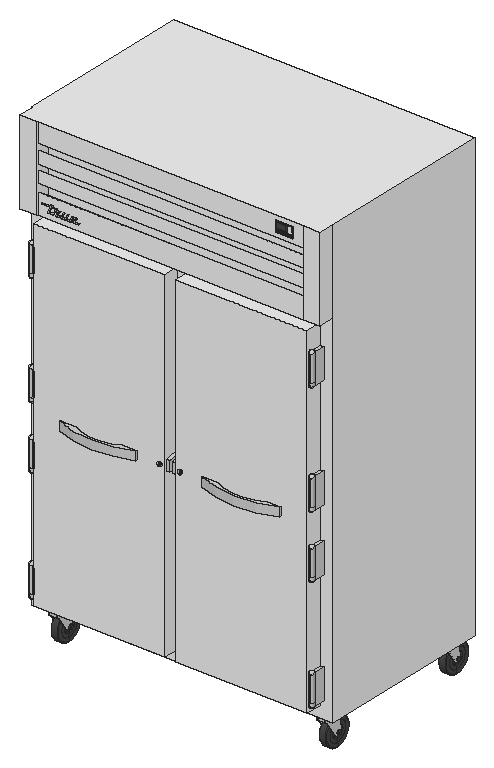
Revit family
Parameters
  Weight in Pounds = 0
  Watts = Volts * FL Amps  # 1334 W
  Volts = 115 V
  URL Cutsheet = "www.truemfg.com"
  URL = "www.truemfg.com"
  Type Mark [instance] = ""
  Type Comments = ""
  Status [instance] = ""
  Specification by User [instance] = ""
  Specification by Manufacturer = ""
  Show Seismic Flanged [instance] = no
  Show Logo [instance] = yes
  Show Legs [instance] = no
  Show Clearance [instance] = yes
  Serial Number = ""
  Seismic Rating = ""
  Seismic Plate [instance] = and(Show Seismic Flanged, not(Show Casters))  # no
  SMACNA No = ""
  Revision Code [instance] = ""
  Phase = 1
  Omniclass Number and Title = ""
  Number of Poles [instance] = 1
  NAFEM Spec ID Number = ""
  Model = "STR2DT-2S"
  Min Ckt Ampacity = 0 A
  Max Overcurrent Protection = 0 A
  Masterspec = ""
  Manufacturer = "TRUE FOOD SERVICE EQUIPMENT, INC."
  Length = 52 5/8"
  Legs [instance] = or(Show Legs, Show Seismic Flanged)  # no
  Item Number [instance] = ""
  Installed By [instance] = ""
  Identify Quantity as Lot [instance] = yes
  Height = 77 3/4"
  HP = ""
  Furnished By [instance] = ""
  Foodservice Equipment Identifier [instance] = yes
  FL Amps = 11.6 A
  Electrical Remarks [instance] = ""
  Electric Connection Type [instance] = ""
  Elec Conn RI Height [instance] = 0"
  Elec Conn Connection Height [instance] = 0"
  Description = "Reach-in Solid Swing Door Dual Temperature Refrigerator/Freezer"
  Depth = 33 3/4"
  Cycle = 60 Hz
  Conn Plug = "5-20P"
  Conn Conduit = yes
  Show Casters [instance] = and(not(if(Show Legs, Show Legs, Show Legs)), not(if(Show Legs, Show Legs, Show Seismic Flanged)))  # yes
  CSI MasterFormat = ""
  CSI Master Format = ""
  Apparent Power = if(Phase = 3, Volts * FL Amps * 1.73, Volts * FL Amps)  # 1334 VA
Reference planes (in)
  plane 1 "BACK": y = 0
  plane 2: z = 0
  plane 3 "LEFT": x = 0
  plane 4 "RIGHT": x = 52.625
  plane 5 "FRONT": y = -33.75
  plane 6 "TOP": z = 84.125
  plane 7: z = 6.125
  plane 8: x = 26.3125
  plane 9: x = 3
  plane 10: x = 49.9375
  plane 11: y = -33.7042
  plane 12: x = 26.46875
Forms (in)
  Extrusion 1, solid, material "QF_Finishes_Chrome - Satin"
    sketch origin (0.05, 0, 0) x (1, 0, 0) y (0, 1, 0)
      loop
        line (-0.05, 0) -> (-0.05, -31) -> (2.35625, -31) -> (2.35625, 0) -> (-0.05, 0)
    from 6.125 to 84.125
  Extrusion 2, solid, material "QF_Finishes_Chrome - Satin"
    sketch origin (50.15, 0, 0) x (1, 0, 0) y (0, 1, 0)
      loop
        line (0.225, 0) -> (0.225, -31) -> (2.475, -31) -> (2.475, 0) -> (0.225, 0)
    from 6.125 to 84.125
  Extrusion 3, solid, material "QF_Finishes_Chrome - Satin"
    sketch origin (0, 0, 0) x (0, 1, 0) y (0, 0, 1)
      loop
        line (-33.7042, 69.5) -> (-31, 69.5) -> (-31, 6.125) -> (0, 6.125) -> (0, 84.125) -> (-33.7042, 84.125) -> (-33.7042, 80.78078) -> (-31.5, 79.21352) -> (-31.5, 78.09125) -> (-33.7042, 79.65851) -> (-33.7042, 77.5248) -> (-31.5, 75.95754) -> (-31.5, 74.99678) -> (-33.7042, 76.56404) -> (-33.7042, 74.46784) -> (-31.5, 72.90057) -> (-31.5, 71.625) -> (-33.7042, 73.19226) -> (-33.7042, 69.5)
    from 2.25 to 50.375
  Extrusion 4, solid, material "QF_Finishes_Chrome - Satin"
    sketch origin (0, 0, 0) x (1, 0, 0) y (0, 1, 0)
      loop
        line (52.54687, -31) -> (49.66032, -31) -> (49.66032, -33.75) -> (52.54687, -33.75) -> (52.54687, -31)
    from 69.5 to 84.125
  Extrusion 5, solid, material "QF_Finishes_Chrome - Satin"
    sketch origin (-50.125, 0, 0.25) x (1, 0, 0) y (0, 1, 0)
      loop
        line (53.20984, -31) -> (50.20312, -31) -> (50.20312, -33.75) -> (53.20984, -33.75) -> (53.20984, -31)
    from 69.25 to 83.875
  Extrusion 6, solid, material "QF_Finishes_Chrome - Satin"
    sketch origin (0, 0, -0.71875) x (1, 0, 0) y (0, 0, 1)
      loop
        line (2.4375, 68.6875) -> (2.4375, 8.75) -> (25.375, 8.75) -> (25.375, 68.6875) -> (2.4375, 68.6875)
      loop
        line (50.34375, 68.6875) -> (27.40625, 68.6875) -> (27.40625, 8.75) -> (50.34375, 8.75) -> (50.34375, 68.6875)
    from 31 to 33.75
  Extrusion 7, solid, material "QF_Finishes_Handrails and Railings"
    sketch origin (85.95, -0.25, 26.37269) x (1, 0, 0) y (0, 1, 0)
      loop
        line (-53.875, -33.5) -> (-53.875, -33.7)
        arc (-53.875, -33.7) -> (-47.075, -35.14405) -> (-40.275, -33.7) r 16.7325
        line (-40.275, -33.7) -> (-40.275, -33.5) -> (-42.675, -33.5)
        arc (-42.675, -33.5) -> (-47.075, -34.65816) -> (-51.475, -33.5) r 8.93715
        line (-51.475, -33.5) -> (-53.875, -33.5)
    from 10.87731 to 12.37731
  Extrusion 8, solid, material "QF_Finishes_Handrails and Railings"
    sketch origin (1.8125, 0, -2) x (1, 0, 0) y (0, 0, 1)
      loop
        circle (22.6875, 40.0625) r 0.35
      loop
        line (22.65235, 40.33635) -> (22.65235, 39.76895) -> (22.70785, 39.76895) -> (22.70785, 40.33635) -> (22.65235, 40.33635)
      loop
        circle (26.3125, 40.0625) r 0.35
      loop
        line (26.34765, 40.33635) -> (26.29215, 40.33635) -> (26.29215, 39.76895) -> (26.34765, 39.76895) -> (26.34765, 40.33635)
    from 33.5 to 33.83066
  Extrusion 9, solid, material "QF_Finishes_Handrails and Railings", visible <- "Show Logo"
    sketch origin (0.33478, 1.08173, -6.73143) x (1, 0, 0) y (0, 0, 1)
      loop
        line (3.61669, 78.46231) -> (3.51103, 78.23573) -> (4.91652, 78.23573)
        arc (4.91652, 78.23573) -> (4.94504, 78.18528) -> (4.91652, 78.13484) r 0.05887
        line (4.91652, 78.13484) -> (4.54994, 77.34872)
        arc (4.54994, 77.34872) -> (4.54676, 77.27591) -> (4.596, 77.22217) r 0.09523
        line (4.596, 77.22217) -> (5.49469, 77.22217)
        arc (5.49469, 77.22217) -> (5.60817, 77.25795) -> (5.68061, 77.35235) r 0.19785
        line (5.68061, 77.35235) -> (5.9691, 77.97101) -> (6.23415, 77.97101)
        arc (6.23415, 77.97101) -> (6.30369, 77.94543) -> (6.29362, 77.87203) r 0.05911
        line (6.29362, 77.87203) -> (6.05223, 77.35437)
        arc (6.05223, 77.35437) -> (6.05599, 77.2684) -> (6.12856, 77.22217) r 0.09318
        line (6.12856, 77.22217) -> (6.91823, 77.22217)
        arc (6.91823, 77.22217) -> (6.97874, 77.24419) -> (7.01093, 77.29995) r 0.09412
        arc (7.01093, 77.29995) -> (7.03371, 77.24495) -> (7.08871, 77.22217) r 0.07778
        line (7.08871, 77.22217) -> (7.58871, 77.22217)
        arc (7.58871, 77.22217) -> (7.64647, 77.23765) -> (7.68876, 77.27993) r 0.11552
        arc (7.68876, 77.27993) -> (7.709, 77.23106) -> (7.75787, 77.21081) r 0.06912
        line (7.75787, 77.21081) -> (8.4685, 77.21081)
        arc (8.4685, 77.21081) -> (8.52659, 77.23488) -> (8.55066, 77.29297) r 0.08216
        arc (8.55066, 77.29297) -> (8.60392, 77.23972) -> (8.67667, 77.22022) r 0.14551
        line (8.67667, 77.22022) -> (10.00783, 77.22022) -> (10.15571, 77.47634) -> (8.81303, 77.47634)
        arc (8.81303, 77.47634) -> (8.77597, 77.50204) -> (8.77459, 77.54711) r 0.05009
        line (8.77459, 77.54711) -> (8.79782, 77.59692)
        arc (8.79782, 77.59692) -> (8.83348, 77.64364) -> (8.88952, 77.66135) r 0.09747
        line (8.88952, 77.66135) -> (9.3211, 77.66135)
        arc (9.3211, 77.66135) -> (9.41425, 77.68631) -> (9.48244, 77.7545) r 0.1863
        line (9.48244, 77.7545) -> (9.60744, 77.97101)
        arc (9.60744, 77.97101) -> (9.60744, 78.08657) -> (9.50736, 78.14434) r 0.11556
        line (9.50736, 78.14434) -> (9.05187, 78.14434)
        arc (9.05187, 78.14434) -> (8.93575, 78.12462) -> (8.85474, 78.03912) r 0.18605
        line (8.85474, 78.03912) -> (8.63829, 77.57493)
        arc (8.63829, 77.57493) -> (8.5744, 77.49167) -> (8.47431, 77.46011) r 0.1745
        line (8.47431, 77.46011) -> (8.00184, 77.46011)
        arc (8.00184, 77.46011) -> (7.94528, 77.52184) -> (7.94893, 77.60548) r 0.10939
        line (7.94893, 77.60548) -> (8.2002, 78.14434) -> (8.04028, 78.14434) -> (7.77406, 77.57344)
        arc (7.77406, 77.57344) -> (7.72234, 77.50603) -> (7.6413, 77.48048) r 0.14128
        line (7.6413, 77.48048) -> (7.3155, 77.48048)
        arc (7.3155, 77.48048) -> (7.26044, 77.55223) -> (7.27225, 77.64189) r 0.11816
        line (7.27225, 77.64189) -> (7.50655, 78.14434) -> (7.34139, 78.14434) -> (7.07171, 77.566)
        arc (7.07171, 77.566) -> (7.0091, 77.50339) -> (6.92358, 77.48048) r 0.17104
        line (6.92358, 77.48048) -> (6.4518, 77.48048)
        arc (6.4518, 77.48048) -> (6.36707, 77.51999) -> (6.35892, 77.61313) r 0.0935
        line (6.35892, 77.61313) -> (6.51399, 77.94569) -> (6.7332, 77.94569)
        arc (6.7332, 77.94569) -> (6.7702, 78.05717) -> (6.84892, 78.14434) r 0.2857
        line (6.84892, 78.14434) -> (5.9923, 78.14434)
        arc (5.9923, 78.14434) -> (5.89711, 78.12324) -> (5.83123, 78.05135) r 0.16212
        line (5.83123, 78.05135) -> (5.59904, 77.55341)
        arc (5.59904, 77.55341) -> (5.54565, 77.50002) -> (5.47272, 77.48048) r 0.14586
        line (5.47272, 77.48048) -> (4.96131, 77.48048)
        arc (4.96131, 77.48048) -> (4.92139, 77.53442) -> (4.92899, 77.60109) r 0.09155
        line (4.92899, 77.60109) -> (5.26643, 78.23573) -> (6.1178, 78.23573) -> (6.22346, 78.46231) -> (5.37209, 78.46231) -> (5.47774, 78.68888) -> (5.17487, 78.68888) -> (5.06922, 78.46231) -> (3.61669, 78.46231)
      loop
        arc (8.9943, 77.93863) -> (8.95744, 77.92875) -> (8.93045, 77.90176) r 0.07373
        line (8.93045, 77.90176) -> (8.90854, 77.83436)
        arc (8.90854, 77.83436) -> (8.9187, 77.80983) -> (8.94324, 77.79966) r 0.0347
        line (8.94324, 77.79966) -> (9.31573, 77.79966)
        arc (9.31573, 77.79966) -> (9.34257, 77.80561) -> (9.36437, 77.82234) r 0.0635
        line (9.36437, 77.82234) -> (9.38249, 77.90622)
        arc (9.38249, 77.90622) -> (9.37716, 77.92868) -> (9.35634, 77.93863) r 0.02676
        line (9.35634, 77.93863) -> (8.9943, 77.93863)
    from 34.76797 to 34.83173
  Extrusion 10, solid
    sketch origin (0, 0, 0) x (1, 0, 0) y (0, 0, 1)
      loop
        circle (49.53125, 82) r 0.25
    from 0 to 0.0625
  Extrusion 11, solid, material "QF_Finishes_Handrails and Railings"
    sketch origin (-33.16875, -0.25, 26.37269) x (1, 0, 0) y (0, 1, 0)
      loop
        line (53.71875, -33.5) -> (51.31875, -33.5)
        arc (51.31875, -33.5) -> (47.075, -34.58228) -> (42.83125, -33.5) r 8.86127
        line (42.83125, -33.5) -> (40.43125, -33.5) -> (40.43125, -33.7)
        arc (40.43125, -33.7) -> (47.075, -35.08117) -> (53.71875, -33.7) r 16.66961
        line (53.71875, -33.7) -> (53.71875, -33.5)
    from 10.87731 to 12.37731
  Blend 12, solid, material "QF_Finishes_Handrails and Railings"
    base sketch origin (0.125, 0, 0) x (1, 0, 0) y (0, 0, 1)
      loop
        line (25.25, 38.99169) -> (25.25, 37.24169) -> (26, 37.24169) -> (26, 38.99169) -> (25.25, 38.99169)
    top sketch origin (0.125, 0, 0) x (1, 0, 0) y (0, 0, 1)
      loop
        line (26.18223, 36.6441) -> (26.18223, 39.42643) -> (25.25, 39.42643) -> (25.25, 36.6441) -> (26.18223, 36.6441)
    from 33.57883 to 31
  Blend 13, solid, material "QF_Finishes_Handrails and Railings"
    base sketch origin (52.65625, 0, 0) x (-1, 0, 0) y (0, 0, -1)
      loop
        line (25.25, -38.99169) -> (26, -38.99169) -> (26, -37.24169) -> (25.25, -37.24169) -> (25.25, -38.99169)
    top sketch origin (52.65625, 0, 0) x (-1, 0, 0) y (0, 0, -1)
      loop
        line (26.18223, -36.6441) -> (25.25, -36.6441) -> (25.25, -39.42643) -> (26.18223, -39.42643) -> (26.18223, -36.6441)
    from 33.57883 to 31
  Extrusion 14, solid, material "QF_Finishes_Handrails and Railings"
    sketch origin (1.28125, 0, 0) x (0, 1, 0) y (0, 0, 1)
      loop
        line (-31, 64.55229) -> (-32.61044, 64.55229)
        arc (-32.61044, 64.55229) -> (-32.75506, 64.49238) -> (-32.81497, 64.34776) r 0.20453
        line (-32.81497, 64.34776) -> (-32.81497, 59.94848) -> (-33.25, 59.94848) -> (-33.25, 59.23627) -> (-31, 59.23627) -> (-31, 64.55229)
    from 0.17506 to 1
  Revolve 15, solid, material "QF_Finishes_Handrails and Railings"
    sketch origin (1.78125, 0, 0) x (0, 1, 0) y (0, 0, 1)
      loop
        line (-33.26563, 60.00189) -> (-33.26563, 64.81483)
        arc (-33.26563, 64.81483) -> (-33.53722, 64.72557) -> (-33.67229, 64.4736) r 0.3848
        line (-33.67229, 64.4736) -> (-33.67229, 60.00189) -> (-33.26563, 60.00189)
      loop
        line (-33.26563, 59.94848) -> (-33.67229, 59.94848) -> (-33.67229, 59.37712)
        arc (-33.67229, 59.37712) -> (-33.53264, 59.13383) -> (-33.26563, 59.04781) r 0.38884
        line (-33.26563, 59.04781) -> (-33.26563, 59.94848)
      axis (-33.26563, 59.04781) -> (-33.26563, 64.81483)
    angle from 0 to 360
  Extrusion 16, solid, material "QF_Finishes_Handrails and Railings"
    sketch origin (-0.03125, 0, 0) x (1, 0, 0) y (0, 0, 1)
      loop
        line (2.07116, 64.4736) -> (2.07116, 60.00079) -> (2.46875, 60.00079) -> (2.46875, 64.4736) -> (2.07116, 64.4736)
    from 32.81497 to 33.59495
  Extrusion 17, solid, material "QF_Finishes_Handrails and Railings"
    sketch origin (1.28125, 0, -19.5) x (0, 1, 0) y (0, 0, 1)
      loop
        line (-31, 64.55229) -> (-32.61044, 64.55229)
        arc (-32.61044, 64.55229) -> (-32.75506, 64.49238) -> (-32.81497, 64.34776) r 0.20453
        line (-32.81497, 64.34776) -> (-32.81497, 59.94848) -> (-33.25, 59.94848) -> (-33.25, 59.23627) -> (-31, 59.23627) -> (-31, 64.55229)
    from 0.17506 to 1
  Revolve 18, solid, material "QF_Finishes_Handrails and Railings"
    sketch origin (1.78125, 0, -19.5) x (0, 1, 0) y (0, 0, 1)
      loop
        line (-33.26563, 60.00189) -> (-33.26563, 64.81483)
        arc (-33.26563, 64.81483) -> (-33.53722, 64.72557) -> (-33.67229, 64.4736) r 0.3848
        line (-33.67229, 64.4736) -> (-33.67229, 60.00189) -> (-33.26563, 60.00189)
      loop
        line (-33.26563, 59.94848) -> (-33.67229, 59.94848) -> (-33.67229, 59.37712)
        arc (-33.67229, 59.37712) -> (-33.53264, 59.13383) -> (-33.26563, 59.04781) r 0.38884
        line (-33.26563, 59.04781) -> (-33.26563, 59.94848)
      axis (-33.26563, 59.04781) -> (-33.26563, 64.81483)
    angle from 0 to 360
  Extrusion 19, solid, material "QF_Finishes_Handrails and Railings"
    sketch origin (-0.03125, 0, -19.5) x (1, 0, 0) y (0, 0, 1)
      loop
        line (2.07116, 64.4736) -> (2.07116, 60.00079) -> (2.46875, 60.00079) -> (2.46875, 64.4736) -> (2.07116, 64.4736)
    from 32.81497 to 33.59495
  Extrusion 20, solid, material "QF_Finishes_Handrails and Railings"
    sketch origin (1.28125, 0, -30.5) x (0, 1, 0) y (0, 0, 1)
      loop
        line (-31, 64.55229) -> (-32.61044, 64.55229)
        arc (-32.61044, 64.55229) -> (-32.75506, 64.49238) -> (-32.81497, 64.34776) r 0.20453
        line (-32.81497, 64.34776) -> (-32.81497, 59.94848) -> (-33.25, 59.94848) -> (-33.25, 59.23627) -> (-31, 59.23627) -> (-31, 64.55229)
    from 0.17506 to 1
  Revolve 21, solid, material "QF_Finishes_Handrails and Railings"
    sketch origin (1.78125, 0, -30.5) x (0, 1, 0) y (0, 0, 1)
      loop
        line (-33.26563, 60.00189) -> (-33.26563, 64.81483)
        arc (-33.26563, 64.81483) -> (-33.53722, 64.72557) -> (-33.67229, 64.4736) r 0.3848
        line (-33.67229, 64.4736) -> (-33.67229, 60.00189) -> (-33.26563, 60.00189)
      loop
        line (-33.26563, 59.94848) -> (-33.67229, 59.94848) -> (-33.67229, 59.37712)
        arc (-33.67229, 59.37712) -> (-33.53264, 59.13383) -> (-33.26563, 59.04781) r 0.38884
        line (-33.26563, 59.04781) -> (-33.26563, 59.94848)
      axis (-33.26563, 59.04781) -> (-33.26563, 64.81483)
    angle from 0 to 360
  Extrusion 22, solid, material "QF_Finishes_Handrails and Railings"
    sketch origin (-0.03125, 0, -30.5) x (1, 0, 0) y (0, 0, 1)
      loop
        line (2.07116, 64.4736) -> (2.07116, 60.00079) -> (2.46875, 60.00079) -> (2.46875, 64.4736) -> (2.07116, 64.4736)
    from 32.81497 to 33.59495
  Extrusion 23, solid, material "QF_Finishes_Handrails and Railings"
    sketch origin (1.28125, 0, -50.25) x (0, 1, 0) y (0, 0, 1)
      loop
        line (-31, 64.55229) -> (-32.61044, 64.55229)
        arc (-32.61044, 64.55229) -> (-32.75506, 64.49238) -> (-32.81497, 64.34776) r 0.20453
        line (-32.81497, 64.34776) -> (-32.81497, 59.94848) -> (-33.25, 59.94848) -> (-33.25, 59.23627) -> (-31, 59.23627) -> (-31, 64.55229)
    from 0.17506 to 1
  Revolve 24, solid, material "QF_Finishes_Handrails and Railings"
    sketch origin (1.78125, 0, -50.25) x (0, 1, 0) y (0, 0, 1)
      loop
        line (-33.26563, 60.00189) -> (-33.26563, 64.81483)
        arc (-33.26563, 64.81483) -> (-33.53722, 64.72557) -> (-33.67229, 64.4736) r 0.3848
        line (-33.67229, 64.4736) -> (-33.67229, 60.00189) -> (-33.26563, 60.00189)
      loop
        line (-33.26563, 59.94848) -> (-33.67229, 59.94848) -> (-33.67229, 59.37712)
        arc (-33.67229, 59.37712) -> (-33.53264, 59.13383) -> (-33.26563, 59.04781) r 0.38884
        line (-33.26563, 59.04781) -> (-33.26563, 59.94848)
      axis (-33.26563, 59.04781) -> (-33.26563, 64.81483)
    angle from 0 to 360
  Extrusion 25, solid, material "QF_Finishes_Handrails and Railings"
    sketch origin (-0.03125, 0, -50.25) x (1, 0, 0) y (0, 0, 1)
      loop
        line (2.07116, 64.4736) -> (2.07116, 60.00079) -> (2.46875, 60.00079) -> (2.46875, 64.4736) -> (2.07116, 64.4736)
    from 32.81497 to 33.59495
  Extrusion 26, solid, material "QF_Finishes_Handrails and Railings"
    sketch origin (51.1875, 0, 0) x (0, 1, 0) y (0, 0, -1)
      loop
        line (-31, -64.55229) -> (-31, -59.23627) -> (-33.25, -59.23627) -> (-33.25, -59.94848) -> (-32.81497, -59.94848) -> (-32.81497, -64.34776)
        arc (-32.81497, -64.34776) -> (-32.75506, -64.49238) -> (-32.61044, -64.55229) r 0.20453
        line (-32.61044, -64.55229) -> (-31, -64.55229)
    from 0.17506 to 1
  Revolve 27, solid, material "QF_Finishes_Handrails and Railings"
    sketch origin (50.6875, 0, 0) x (0, 1, 0) y (0, 0, -1)
      loop
        line (-33.26563, -60.00189) -> (-33.67229, -60.00189) -> (-33.67229, -64.4736)
        arc (-33.67229, -64.4736) -> (-33.53722, -64.72557) -> (-33.26563, -64.81483) r 0.3848
        line (-33.26563, -64.81483) -> (-33.26563, -60.00189)
      loop
        line (-33.26563, -59.94848) -> (-33.26563, -59.04781)
        arc (-33.26563, -59.04781) -> (-33.53264, -59.13383) -> (-33.67229, -59.37712) r 0.38884
        line (-33.67229, -59.37712) -> (-33.67229, -59.94848) -> (-33.26563, -59.94848)
      axis (-33.26563, -59.04781) -> (-33.26563, -64.81483)
    angle from 0 to 360
  Extrusion 28, solid, material "QF_Finishes_Handrails and Railings"
    sketch origin (52.5, 0, 0) x (-1, 0, 0) y (0, 0, -1)
      loop
        line (1.75866, -64.4736) -> (2.15625, -64.4736) -> (2.15625, -60.00079) -> (1.75866, -60.00079) -> (1.75866, -64.4736)
    from 32.81497 to 33.59495
  Extrusion 29, solid, material "QF_Finishes_Handrails and Railings"
    sketch origin (51.1875, 0, -19.5) x (0, 1, 0) y (0, 0, -1)
      loop
        line (-31, -64.55229) -> (-31, -59.23627) -> (-33.25, -59.23627) -> (-33.25, -59.94848) -> (-32.81497, -59.94848) -> (-32.81497, -64.34776)
        arc (-32.81497, -64.34776) -> (-32.75506, -64.49238) -> (-32.61044, -64.55229) r 0.20453
        line (-32.61044, -64.55229) -> (-31, -64.55229)
    from 0.17506 to 1
  Revolve 30, solid, material "QF_Finishes_Handrails and Railings"
    sketch origin (50.6875, 0, -19.5) x (0, 1, 0) y (0, 0, -1)
      loop
        line (-33.26563, -60.00189) -> (-33.67229, -60.00189) -> (-33.67229, -64.4736)
        arc (-33.67229, -64.4736) -> (-33.53722, -64.72557) -> (-33.26563, -64.81483) r 0.3848
        line (-33.26563, -64.81483) -> (-33.26563, -60.00189)
      loop
        line (-33.26563, -59.94848) -> (-33.26563, -59.04781)
        arc (-33.26563, -59.04781) -> (-33.53264, -59.13383) -> (-33.67229, -59.37712) r 0.38884
        line (-33.67229, -59.37712) -> (-33.67229, -59.94848) -> (-33.26563, -59.94848)
      axis (-33.26563, -59.04781) -> (-33.26563, -64.81483)
    angle from 0 to 360
  Extrusion 31, solid, material "QF_Finishes_Handrails and Railings"
    sketch origin (52.5, 0, -19.5) x (-1, 0, 0) y (0, 0, -1)
      loop
        line (1.75866, -64.4736) -> (2.15625, -64.4736) -> (2.15625, -60.00079) -> (1.75866, -60.00079) -> (1.75866, -64.4736)
    from 32.81497 to 33.59495
  Extrusion 32, solid, material "QF_Finishes_Handrails and Railings"
    sketch origin (51.1875, 0, -30.5) x (0, 1, 0) y (0, 0, -1)
      loop
        line (-31, -64.55229) -> (-31, -59.23627) -> (-33.25, -59.23627) -> (-33.25, -59.94848) -> (-32.81497, -59.94848) -> (-32.81497, -64.34776)
        arc (-32.81497, -64.34776) -> (-32.75506, -64.49238) -> (-32.61044, -64.55229) r 0.20453
        line (-32.61044, -64.55229) -> (-31, -64.55229)
    from 0.17506 to 1
  Revolve 33, solid, material "QF_Finishes_Handrails and Railings"
    sketch origin (50.6875, 0, -30.5) x (0, 1, 0) y (0, 0, -1)
      loop
        line (-33.26563, -60.00189) -> (-33.67229, -60.00189) -> (-33.67229, -64.4736)
        arc (-33.67229, -64.4736) -> (-33.53722, -64.72557) -> (-33.26563, -64.81483) r 0.3848
        line (-33.26563, -64.81483) -> (-33.26563, -60.00189)
      loop
        line (-33.26563, -59.94848) -> (-33.26563, -59.04781)
        arc (-33.26563, -59.04781) -> (-33.53264, -59.13383) -> (-33.67229, -59.37712) r 0.38884
        line (-33.67229, -59.37712) -> (-33.67229, -59.94848) -> (-33.26563, -59.94848)
      axis (-33.26563, -59.04781) -> (-33.26563, -64.81483)
    angle from 0 to 360
  Extrusion 34, solid, material "QF_Finishes_Handrails and Railings"
    sketch origin (52.5, 0, -30.5) x (-1, 0, 0) y (0, 0, -1)
      loop
        line (1.75866, -64.4736) -> (2.15625, -64.4736) -> (2.15625, -60.00079) -> (1.75866, -60.00079) -> (1.75866, -64.4736)
    from 32.81497 to 33.59495
  Extrusion 35, solid, material "QF_Finishes_Handrails and Railings"
    sketch origin (51.1875, 0, -50.25) x (0, 1, 0) y (0, 0, -1)
      loop
        line (-31, -64.55229) -> (-31, -59.23627) -> (-33.25, -59.23627) -> (-33.25, -59.94848) -> (-32.81497, -59.94848) -> (-32.81497, -64.34776)
        arc (-32.81497, -64.34776) -> (-32.75506, -64.49238) -> (-32.61044, -64.55229) r 0.20453
        line (-32.61044, -64.55229) -> (-31, -64.55229)
    from 0.17506 to 1
  Revolve 36, solid, material "QF_Finishes_Handrails and Railings"
    sketch origin (50.6875, 0, -50.25) x (0, 1, 0) y (0, 0, -1)
      loop
        line (-33.26563, -60.00189) -> (-33.67229, -60.00189) -> (-33.67229, -64.4736)
        arc (-33.67229, -64.4736) -> (-33.53722, -64.72557) -> (-33.26563, -64.81483) r 0.3848
        line (-33.26563, -64.81483) -> (-33.26563, -60.00189)
      loop
        line (-33.26563, -59.94848) -> (-33.26563, -59.04781)
        arc (-33.26563, -59.04781) -> (-33.53264, -59.13383) -> (-33.67229, -59.37712) r 0.38884
        line (-33.67229, -59.37712) -> (-33.67229, -59.94848) -> (-33.26563, -59.94848)
      axis (-33.26563, -59.04781) -> (-33.26563, -64.81483)
    angle from 0 to 360
  Extrusion 37, solid, material "QF_Finishes_Handrails and Railings"
    sketch origin (52.5, 0, -50.25) x (-1, 0, 0) y (0, 0, -1)
      loop
        line (1.75866, -64.4736) -> (2.15625, -64.4736) -> (2.15625, -60.00079) -> (1.75866, -60.00079) -> (1.75866, -64.4736)
    from 32.81497 to 33.59495
  Revolve 38, solid, material "QF_Finishes_Black", visible <- "Show Casters"
    sketch origin (47.78125, -27.375, 0) x (1, 0, 0) y (0, 0, 1)
      loop
        line (1.63125, 5) -> (1.53125, 4.9) -> (1.53125, 4.29941) -> (1.69226, 4.29941) -> (1.69226, 3.54941) -> (1.53125, 3.54941) -> (1.53125, 2.79941) -> (1.13125, 2.79941) -> (1.13125, 2.5) -> (3.18125, 2.5) -> (3.18125, 2.79941) -> (2.78533, 2.79941) -> (2.78533, 3.54941) -> (2.62024, 3.54941) -> (2.62024, 4.29941) -> (2.78533, 4.29941) -> (2.78533, 4.89592) -> (2.68125, 5) -> (1.63125, 5)
      axis (3.18125, 2.5) -> (1.13125, 2.5)
    angle from 0 to 360
  Extrusion 39, solid, material "QF_Finishes_Handrails and Railings", visible <- "Show Casters"
    sketch origin (47.78125, 0, 0) x (0, 1, 0) y (0, 0, 1)
      loop
        line (-29.95136, 5.48574) -> (-29.95136, 4.88089) -> (-29.70136, 4.88089) -> (-27.95216, 2.18736)
        arc (-27.95216, 2.18736) -> (-27.23883, 1.94868) -> (-26.84581, 2.59003) r 0.60416
        line (-26.84581, 2.59003) -> (-27.20136, 5.48574) -> (-29.95136, 5.48574)
      loop
        line (-3.8577, 5.48574) -> (-3.8577, 4.88089) -> (-3.6077, 4.88089) -> (-1.8585, 2.18736)
        arc (-1.8585, 2.18736) -> (-1.14517, 1.94868) -> (-0.75215, 2.59003) r 0.60416
        line (-0.75215, 2.59003) -> (-1.1077, 5.48574) -> (-3.8577, 5.48574)
    from 1.175 to 1.325
  Extrusion 40, solid, material "QF_Finishes_Handrails and Railings", visible <- "Show Casters"
    sketch origin (49.28125, 0, 0) x (0, 1, 0) y (0, 0, 1)
      loop
        line (-29.95136, 5.48574) -> (-29.95136, 4.88089) -> (-29.70136, 4.88089) -> (-27.95216, 2.18736)
        arc (-27.95216, 2.18736) -> (-27.23883, 1.94868) -> (-26.84581, 2.59003) r 0.60416
        line (-26.84581, 2.59003) -> (-27.20136, 5.48574) -> (-29.95136, 5.48574)
      loop
        line (-3.8577, 5.48574) -> (-3.8577, 4.88089) -> (-3.6077, 4.88089) -> (-1.8585, 2.18736)
        arc (-1.8585, 2.18736) -> (-1.14517, 1.94868) -> (-0.75215, 2.59003) r 0.60416
        line (-0.75215, 2.59003) -> (-1.1077, 5.48574) -> (-3.8577, 5.48574)
    from 1.175 to 1.325
  Revolve 41, solid, material "QF_Finishes_Chrome - Satin", visible <- "Show Casters"
    sketch origin (47.78125, -28.5625, -0.5) x (1, 0, 0) y (0, 0, 1)
      loop
        line (2.15625, 5.99546) -> (2.15625, 6.62359) -> (0.85918, 6.62359) -> (0.85918, 5.99546) -> (2.15625, 5.99546)
      axis (2.15625, 5.99546) -> (2.15625, 6.62359)
    angle from 0 to 360
  Revolve 42, solid, material "QF_Finishes_Chrome - Satin", visible <- "Legs"
    sketch origin (47.78125, -2.69102, 0) x (1, 0, 0) y (0, 0, 1)
      loop
        line (2.15625, 6.125) -> (0.82287, 6.125) -> (1.40625, 1) -> (1.65625, 1) -> (1.65625, 0) -> (2.15625, 0) -> (2.15625, 6.125)
      axis (2.15625, 0) -> (2.15625, 6.125)
    angle from 0 to 360
  Revolve 43, solid, material "QF_Finishes_Chrome - Satin", visible <- "Legs"
    sketch origin (47.78125, -28.65977, 0) x (1, 0, 0) y (0, 0, 1)
      loop
        line (2.15625, 6.125) -> (0.82287, 6.125) -> (1.40625, 1) -> (1.65625, 1) -> (1.65625, 0) -> (2.15625, 0) -> (2.15625, 6.125)
      axis (2.15625, 0) -> (2.15625, 6.125)
    angle from 0 to 360
  Revolve 44, solid, material "QF_Finishes_Chrome - Satin", visible <- "Show Casters"
    sketch origin (47.78125, -2.70321, -0.5) x (1, 0, 0) y (0, 0, 1)
      loop
        line (2.15625, 5.99546) -> (2.15625, 6.62359) -> (0.85918, 6.62359) -> (0.85918, 5.99546) -> (2.15625, 5.99546)
      axis (2.15625, 5.99546) -> (2.15625, 6.62359)
    angle from 0 to 360
  Extrusion 45, solid, material "QF_Finishes_Handrails and Railings", visible <- "Show Casters"
    sketch origin (0, 0, 0) x (0, 1, 0) y (0, 0, 1)
      loop
        line (-29.95136, 5.48574) -> (-29.95136, 4.88089) -> (-29.70136, 4.88089) -> (-27.16533, 5.19227) -> (-27.20136, 5.48574) -> (-29.95136, 5.48574)
      loop
        line (-3.8577, 5.48574) -> (-3.8577, 4.88089) -> (-3.6077, 4.88089) -> (-1.07167, 5.19227) -> (-1.1077, 5.48574) -> (-3.8577, 5.48574)
    from 49.10625 to 50.45625
  Revolve 46, solid, material "QF_Finishes_Black", visible <- "Show Casters"
    sketch origin (47.78125, -1.21875, 0) x (1, 0, 0) y (0, 0, 1)
      loop
        line (1.63125, 5) -> (1.53125, 4.9) -> (1.53125, 4.29941) -> (1.69226, 4.29941) -> (1.69226, 3.54941) -> (1.53125, 3.54941) -> (1.53125, 2.79941) -> (1.13125, 2.79941) -> (1.13125, 2.5) -> (3.18125, 2.5) -> (3.18125, 2.79941) -> (2.78533, 2.79941) -> (2.78533, 3.54941) -> (2.62024, 3.54941) -> (2.62024, 4.29941) -> (2.78533, 4.29941) -> (2.78533, 4.89592) -> (2.68125, 5) -> (1.63125, 5)
      axis (3.18125, 2.5) -> (1.13125, 2.5)
    angle from 0 to 360
  Revolve 47, solid, material "QF_Finishes_Black", visible <- "Show Casters"
    sketch origin (0.84375, -27.375, 0) x (1, 0, 0) y (0, 0, 1)
      loop
        line (1.63125, 5) -> (1.53125, 4.9) -> (1.53125, 4.29941) -> (1.69226, 4.29941) -> (1.69226, 3.54941) -> (1.53125, 3.54941) -> (1.53125, 2.79941) -> (0.975, 2.79941) -> (0.975, 2.5) -> (3.18125, 2.5) -> (3.18125, 2.79941) -> (2.78533, 2.79941) -> (2.78533, 3.54941) -> (2.62024, 3.54941) -> (2.62024, 4.29941) -> (2.78533, 4.29941) -> (2.78533, 4.89592) -> (2.68125, 5) -> (1.63125, 5)
      axis (3.18125, 2.5) -> (0.975, 2.5)
    angle from 0 to 360
  Extrusion 48, solid, material "QF_Finishes_Handrails and Railings", visible <- "Show Casters"
    sketch origin (0.84375, 0, 0) x (0, 1, 0) y (0, 0, 1)
      loop
        line (-29.95136, 5.48574) -> (-29.95136, 4.88089) -> (-29.70136, 4.88089) -> (-27.95216, 2.18736)
        arc (-27.95216, 2.18736) -> (-27.23883, 1.94868) -> (-26.84581, 2.59003) r 0.60416
        line (-26.84581, 2.59003) -> (-27.20136, 5.48574) -> (-29.95136, 5.48574)
      loop
        line (-3.8577, 5.48574) -> (-3.8577, 4.88089) -> (-3.6077, 4.88089) -> (-1.8585, 2.18736)
        arc (-1.8585, 2.18736) -> (-1.14517, 1.94868) -> (-0.75215, 2.59003) r 0.60416
        line (-0.75215, 2.59003) -> (-1.1077, 5.48574) -> (-3.8577, 5.48574)
    from 1.175 to 1.325
  Extrusion 49, solid, material "QF_Finishes_Handrails and Railings", visible <- "Show Casters"
    sketch origin (2.34375, 0, 0) x (0, 1, 0) y (0, 0, 1)
      loop
        line (-29.95136, 5.48574) -> (-29.95136, 4.88089) -> (-29.70136, 4.88089) -> (-27.95216, 2.18736)
        arc (-27.95216, 2.18736) -> (-27.23883, 1.94868) -> (-26.84581, 2.59003) r 0.60416
        line (-26.84581, 2.59003) -> (-27.20136, 5.48574) -> (-29.95136, 5.48574)
      loop
        line (-3.8577, 5.48574) -> (-3.8577, 4.88089) -> (-3.6077, 4.88089) -> (-1.8585, 2.18736)
        arc (-1.8585, 2.18736) -> (-1.14517, 1.94868) -> (-0.75215, 2.59003) r 0.60416
        line (-0.75215, 2.59003) -> (-1.1077, 5.48574) -> (-3.8577, 5.48574)
    from 1.175 to 1.325
  Revolve 50, solid, material "QF_Finishes_Chrome - Satin", visible <- "Show Casters"
    sketch origin (0.84375, -28.5625, -0.5) x (1, 0, 0) y (0, 0, 1)
      loop
        line (2.15625, 5.99546) -> (2.15625, 6.62359) -> (0.85918, 6.62359) -> (0.85918, 5.99546) -> (2.15625, 5.99546)
      axis (2.15625, 5.99546) -> (2.15625, 6.62359)
    angle from 0 to 360
  Revolve 51, solid, material "QF_Finishes_Chrome - Satin", visible <- "Legs"
    sketch origin (0.84375, -2.69102, 0) x (1, 0, 0) y (0, 0, 1)
      loop
        line (2.15625, 6.125) -> (0.82287, 6.125) -> (1.40625, 1) -> (1.65625, 1) -> (1.65625, 0) -> (2.15625, 0) -> (2.15625, 6.125)
      axis (2.15625, 0) -> (2.15625, 6.125)
    angle from 0 to 360
  Revolve 52, solid, material "QF_Finishes_Chrome - Satin", visible <- "Legs"
    sketch origin (0.84375, -28.65977, 0) x (1, 0, 0) y (0, 0, 1)
      loop
        line (2.15625, 6.125) -> (0.82287, 6.125) -> (1.40625, 1) -> (1.65625, 1) -> (1.65625, 0) -> (2.15625, 0) -> (2.15625, 6.125)
      axis (2.15625, 0) -> (2.15625, 6.125)
    angle from 0 to 360
  Revolve 53, solid, material "QF_Finishes_Chrome - Satin", visible <- "Show Casters"
    sketch origin (0.84375, -2.70321, -0.5) x (1, 0, 0) y (0, 0, 1)
      loop
        line (2.15625, 5.99546) -> (2.15625, 6.62359) -> (0.85918, 6.62359) -> (0.85918, 5.99546) -> (2.15625, 5.99546)
      axis (2.15625, 5.99546) -> (2.15625, 6.62359)
    angle from 0 to 360
  Extrusion 54, solid, material "QF_Finishes_Handrails and Railings", visible <- "Show Casters"
    sketch origin (-46.9375, 0, 0) x (0, 1, 0) y (0, 0, 1)
      loop
        line (-29.95136, 5.48574) -> (-29.95136, 4.88089) -> (-29.70136, 4.88089) -> (-27.16533, 5.19227) -> (-27.20136, 5.48574) -> (-29.95136, 5.48574)
      loop
        line (-3.8577, 5.48574) -> (-3.8577, 4.88089) -> (-3.6077, 4.88089) -> (-1.07167, 5.19227) -> (-1.1077, 5.48574) -> (-3.8577, 5.48574)
    from 49.10625 to 50.45625
  Revolve 55, solid, material "QF_Finishes_Black", visible <- "Show Casters"
    sketch origin (0.84375, -1.21875, 0) x (1, 0, 0) y (0, 0, 1)
      loop
        line (1.63125, 5) -> (1.53125, 4.9) -> (1.53125, 4.29941) -> (1.69226, 4.29941) -> (1.69226, 3.54941) -> (1.53125, 3.54941) -> (1.53125, 2.79941) -> (0.975, 2.79941) -> (0.975, 2.5) -> (3.18125, 2.5) -> (3.18125, 2.79941) -> (2.78533, 2.79941) -> (2.78533, 3.54941) -> (2.62024, 3.54941) -> (2.62024, 4.29941) -> (2.78533, 4.29941) -> (2.78533, 4.89592) -> (2.68125, 5) -> (1.63125, 5)
      axis (3.18125, 2.5) -> (0.975, 2.5)
    angle from 0 to 360
  Extrusion 56, solid, material "QF_Finishes_White"
    sketch origin (1.49925, 1.06376, 1.58022) x (1, 0, 0) y (0, 0, 1)
      loop
        line (43.31732, 81.73227) -> (43.31732, 79.98496) -> (46.22357, 79.98496) -> (46.22357, 81.73227) -> (43.31732, 81.73227)
    from 34.75 to 34.76797
  Extrusion 57, solid, material "QF_Finishes_Black"
    sketch origin (1.49925, 1.06376, 1.58022) x (1, 0, 0) y (0, 0, 1)
      loop
        line (46.28607, 81.79477) -> (43.25482, 81.79477) -> (43.25482, 79.92246) -> (46.28607, 79.92246) -> (46.28607, 81.79477)
      loop
        spline (43.45482, 80.25372) -> (43.46333, 80.23754) -> (43.48831, 80.22247) -> (43.52804, 80.20952) -> (43.57982, 80.19959) -> (43.64011, 80.19335) -> (43.70482, 80.19122) -> (43.76952, 80.19335) -> (43.82982, 80.19959) -> (43.88159, 80.20952) -> (43.92132, 80.22247) -> (43.9463, 80.23754) -> (43.95482, 80.25372)
        spline (43.95482, 80.25372) -> (43.9463, 80.26989) -> (43.92132, 80.28497) -> (43.88159, 80.29791) -> (43.82982, 80.30784) -> (43.76952, 80.31409) -> (43.70482, 80.31622) -> (43.64011, 80.31409) -> (43.57982, 80.30784) -> (43.52804, 80.29791) -> (43.48831, 80.28497) -> (43.46333, 80.26989) -> (43.45482, 80.25372)
      loop
        spline (44.15083, 80.25372) -> (44.15935, 80.23754) -> (44.18432, 80.22247) -> (44.22405, 80.20952) -> (44.27583, 80.19959) -> (44.33612, 80.19335) -> (44.40083, 80.19122) -> (44.46553, 80.19335) -> (44.52583, 80.19959) -> (44.57761, 80.20952) -> (44.61734, 80.22247) -> (44.64231, 80.23754) -> (44.65083, 80.25372)
        spline (44.65083, 80.25372) -> (44.64231, 80.26989) -> (44.61734, 80.28497) -> (44.57761, 80.29791) -> (44.52583, 80.30784) -> (44.46553, 80.31409) -> (44.40083, 80.31622) -> (44.33612, 80.31409) -> (44.27583, 80.30784) -> (44.22405, 80.29791) -> (44.18432, 80.28497) -> (44.15935, 80.26989) -> (44.15083, 80.25372)
      loop
        spline (44.90083, 80.25372) -> (44.90935, 80.23754) -> (44.93432, 80.22247) -> (44.97405, 80.20952) -> (45.02583, 80.19959) -> (45.08612, 80.19335) -> (45.15083, 80.19122) -> (45.21553, 80.19335) -> (45.27583, 80.19959) -> (45.32761, 80.20952) -> (45.36734, 80.22247) -> (45.39231, 80.23754) -> (45.40083, 80.25372)
        spline (45.40083, 80.25372) -> (45.39231, 80.26989) -> (45.36734, 80.28497) -> (45.32761, 80.29791) -> (45.27583, 80.30784) -> (45.21553, 80.31409) -> (45.15083, 80.31622) -> (45.08612, 80.31409) -> (45.02583, 80.30784) -> (44.97405, 80.29791) -> (44.93432, 80.28497) -> (44.90935, 80.26989) -> (44.90083, 80.25372)
      loop
        line (43.45481, 81.59478) -> (43.45481, 80.59478) -> (45.15433, 80.59478) -> (45.15433, 81.59478) -> (43.45481, 81.59478)
      loop
        line (46.22357, 81.73227) -> (43.31732, 81.73227) -> (43.31732, 79.98496) -> (46.22357, 79.98496) -> (46.22357, 81.73227)
      loop
        spline (45.65083, 80.25372) -> (45.65935, 80.23754) -> (45.68432, 80.22247) -> (45.72405, 80.20952) -> (45.77583, 80.19959) -> (45.83612, 80.19335) -> (45.90083, 80.19122) -> (45.96553, 80.19335) -> (46.02583, 80.19959) -> (46.07761, 80.20952) -> (46.11734, 80.22247) -> (46.14231, 80.23754) -> (46.15083, 80.25372)
        spline (46.15083, 80.25372) -> (46.14231, 80.26989) -> (46.11734, 80.28497) -> (46.07761, 80.29791) -> (46.02583, 80.30784) -> (45.96553, 80.31409) -> (45.90083, 80.31622) -> (45.83612, 80.31409) -> (45.77583, 80.30784) -> (45.72405, 80.29791) -> (45.68432, 80.28497) -> (45.65935, 80.26989) -> (45.65083, 80.25372)
    from 34.76797 to 34.80335
  Extrusion 58, solid, material "QF_Finishes_Door Clearance", visible <- "Show Clearance", detail levels coarse
    sketch origin (0.66534, -3.6098, 0) x (-1, 0, 0) y (0, -1, 0)
      loop
        arc (-26.74091, 30.1402) -> (-33.45915, 46.35946) -> (-49.67841, 53.0777) r 22.9375
        line (-49.67841, 53.0777) -> (-49.67841, 30.1402) -> (-26.74091, 30.1402)
      loop
        line (-1.77216, 30.1402) -> (-1.77216, 53.0777)
        arc (-1.77216, 53.0777) -> (-17.99142, 46.35946) -> (-24.70966, 30.1402) r 22.9375
        line (-24.70966, 30.1402) -> (-1.77216, 30.1402)
    from 8.0288 to 67.96875
  Extrusion 59, solid, material "QF_Finishes_Chrome - Satin", visible <- "Seismic Plate"
    sketch origin (-0.22541, -26.96562, 0) x (1, 0, 0) y (0, 1, 0)
      loop
        circle (3.22541, -1.69416) r 1.5
    from 0 to 0.25
  Extrusion 60, solid, material "QF_Finishes_Chrome - Satin", visible <- "Seismic Plate"
    sketch origin (-0.22541, -0.99687, 0) x (1, 0, 0) y (0, 1, 0)
      loop
        circle (3.22541, -1.69416) r 1.5
    from 0 to 0.25
  Extrusion 61, solid, material "QF_Finishes_Chrome - Satin", visible <- "Seismic Plate"
    sketch origin (46.71209, -0.99687, 0) x (1, 0, 0) y (0, 1, 0)
      loop
        circle (3.22541, -1.69416) r 1.5
    from 0 to 0.25
  Extrusion 62, solid, material "QF_Finishes_Chrome - Satin", visible <- "Seismic Plate"
    sketch origin (46.71209, -26.96562, 0) x (1, 0, 0) y (0, 1, 0)
      loop
        circle (3.22541, -1.69416) r 1.5
    from 0 to 0.25
Cuts and joins
  joined: Extrusion 1, Extrusion 2, Extrusion 3, Extrusion 4, Extrusion 5
  joined: Revolve 15, Extrusion 16
Lines and regions (in)
  symbolic lines
    curve 1: line (0, 0, 0) -> (52.625, 0, 0)
    curve 2: line (0, -33.75, 0) -> (0, 0, 0)
    curve 3: line (52.625, -33.75, 0) -> (0, -33.75, 0)
    curve 4: line (52.625, 0, 0) -> (52.625, -33.75, 0)
    curve 5: line (52.625, -31.5, 0) -> (0, -31.5, 0)
    curve 22: arc (43.075, -33.75, 0) -> (38.675, -34.90816, 0) -> (34.275, -33.75, 0) r 8.93715
    curve 23: arc (31.875, -33.95, 0) -> (38.675, -35.39405, 0) -> (45.475, -33.95, 0) r 16.7325
    curve 24: line (31.875, -33.75, 0) -> (31.875, -33.95, 0)
    curve 25: line (45.475, -33.95, 0) -> (45.475, -33.75, 0)
    curve 26: arc (18.06875, -33.75, 0) -> (13.825, -34.83228, 0) -> (9.58125, -33.75, 0) r 8.86127
    curve 27: arc (7.18125, -33.95, 0) -> (13.825, -35.33117, 0) -> (20.46875, -33.95, 0) r 16.66961
    curve 28: line (20.46875, -33.95, 0) -> (20.46875, -33.75, 0)
    curve 29: line (7.18125, -33.75, 0) -> (7.18125, -33.95, 0)
  symbolic lines, style "SpecialityEquipmentHiddenLines", visible <- "Show Casters"
    curve 6: line (3.60602, -24.30071, 0) -> (5.06131, -25.05071, 0)
    curve 7: line (1.20097, -28.96743, 0) -> (3.60602, -24.30071, 0)
    curve 8: line (2.65626, -29.71743, 0) -> (1.20097, -28.96743, 0)
    curve 9: line (5.06131, -25.05071, 0) -> (2.65626, -29.71743, 0)
    curve 10: line (3.98222, -0.4208, 0) -> (5.43751, -1.34689, 0)
    curve 11: line (1.20097, -4.79134, 0) -> (3.98222, -0.4208, 0)
    curve 12: line (2.65626, -5.71743, 0) -> (1.20097, -4.79134, 0)
    curve 13: line (5.43751, -1.34689, 0) -> (2.65626, -5.71743, 0)
    curve 14: line (50.00722, -0.4208, 0) -> (51.30626, -1.1708, 0)
    curve 15: line (47.38222, -4.96743, 0) -> (50.00722, -0.4208, 0)
    curve 16: line (48.68126, -5.71743, 0) -> (47.38222, -4.96743, 0)
    curve 17: line (51.30626, -1.1708, 0) -> (48.68126, -5.71743, 0)
    curve 18: line (50.00722, -24.52487, 0) -> (51.30626, -25.27487, 0)
    curve 19: line (47.38222, -29.07151, 0) -> (50.00722, -24.52487, 0)
    curve 20: line (48.68126, -29.82151, 0) -> (47.38222, -29.07151, 0)
    curve 21: line (51.30626, -25.27487, 0) -> (48.68126, -29.82151, 0)
  symbolic lines, style "QF-Door Swings", visible <- "Show Clearance", detail levels coarse
    curve 30: line (50.34375, -33.75, 0) -> (50.34375, -56.6875, 0)
    curve 31: arc (50.34375, -56.6875, 0) -> (34.12449, -49.96926, 0) -> (27.40625, -33.75, 0) r 22.9375
    curve 32: line (2.4375, -33.75, 0) -> (2.4375, -56.6875, 0)
    curve 33: arc (2.4375, -56.6875, 0) -> (18.65676, -49.96926, 0) -> (25.375, -33.75, 0) r 22.9375
Dimensions and locks (in)
  "Depth": plane 5 "FRONT" to plane 1 "BACK"
  plane 7 to level = 6 1/8"
  plane 6 "TOP" to level = 84 1/8"
  plane 6 "TOP" to plane 7 = 78"
  cut or joined group of Extrusion 1, Extrusion 2, Extrusion 3, Extrusion 4, Extrusion 5 to cut or joined group of Extrusion 1, Extrusion 2, Extrusion 3, Extrusion 4, Extrusion 5 = 31"
  Extrusion 6 to plane 1 "BACK" = 33 3/4"
  "Length": plane 3 "LEFT" to plane 4 "RIGHT"
  plane 4 "RIGHT" to plane 10 to plane 12 to plane 9 to plane 3 "LEFT" = 2 11/16", 23 15/32", 23 15/32", 3"
  plane 3 "LEFT" to plane 12 to plane 4 "RIGHT" = 26 15/32", 26 5/32"
  plane 4 "RIGHT" to plane 3 "LEFT" = 52 5/8"  (x2)
  Extrusion 6 to Extrusion 6 to plane 3 "LEFT" = 22 15/16", 2 7/16"
  plane 4 "RIGHT" to Extrusion 6 to Extrusion 6 = 2 9/32", 22 15/16"
  Extrusion 6 to plane 7 = 1 29/32"
  cut or joined group of Extrusion 1, Extrusion 2, Extrusion 3, Extrusion 4, Extrusion 5 to Extrusion 6 = 1 17/32"
  Extrusion 11 to Extrusion 6 = 29 7/32"
  Extrusion 6 to Extrusion 11 = 29 7/32"
  Extrusion 6 to Extrusion 7 = 29 7/32"
  Extrusion 7 to Extrusion 6 = 29 7/32"
  cut or joined group of Extrusion 1, Extrusion 2, Extrusion 3, Extrusion 4, Extrusion 5 to cut or joined group of Extrusion 1, Extrusion 2, Extrusion 3, Extrusion 4, Extrusion 5 = 52 15/32"
  aligned and locked: level to plane 2
Automatic sketch dimensions
  curve 5 to plane 3 "LEFT" = 0"
  plane 5 "FRONT" to curve 33 = 0"
  plane 1 "BACK" to curve 4 = 0"
  curve 4 to plane 4 "RIGHT" = 0"
  plane 3 "LEFT" to curve 12 = 1.20097"
  plane 3 "LEFT" to curve 7 = 1.20097"
  curve 32 to plane 9 = 9/16"
  curve 8 to plane 9 = 11/32"
  curve 13 to plane 9 = 11/32"
  plane 1 "BACK" to curve 10 = 0.4208"
  plane 9 to curve 10 = 0.98222"
  plane 9 to curve 7 = 0.60602"
  plane 5 "FRONT" to curve 29 = 0.2"
  plane 9 to curve 29 = 4.18125"
  curve 29 to curve 26 = 2.4"
  plane 8 to curve 27 = 12.4875"
  curve 26 to curve 27 = 0"
  curve 26 to curve 28 = 2.4"
  plane 8 to curve 33 = 15/16"
  curve 31 to plane 8 = 1 3/32"
  plane 5 "FRONT" to curve 24 = 0.2"
  curve 31 to curve 24 = 4 15/32"
  curve 24 to curve 22 = 2.4"
  curve 23 to plane 8 = 12.3625"
  curve 22 to curve 23 = 0"
  plane 5 "FRONT" to curve 23 = 0.2"
  curve 20 to plane 10 = 2.55528"
  curve 15 to plane 10 = 2.55528"
  curve 21 to plane 10 = 1.25624"
  curve 17 to plane 10 = 1.25624"
  plane 10 to curve 19 = 0.06972"
  plane 10 to curve 15 = 0.06972"
  plane 10 to curve 31 = 13/32"
  curve 5 to plane 5 "FRONT" = 2 1/4"
  curve 21 to plane 5 "FRONT" = 3.92849"
  curve 5 to curve 8 = 1.78257"
  curve 20 to curve 19 = 3/4"
  curve 8 to curve 7 = 3/4"
  curve 26 to plane 5 "FRONT" = 7.77899"
  curve 22 to plane 5 "FRONT" = 7.77899"
  curve 22 to curve 23 = 7.30945"
  curve 26 to curve 27 = 7.30945"
  curve 13 to curve 10 = 5.29663"
  plane 1 "BACK" to curve 16 = 5.71743"
  curve 16 to curve 16 = 3/4"
  Extrusion 1 sketch curve to plane 3 "LEFT" = 0"
  plane 1 "BACK" to Extrusion 1 sketch curve = 0"
  Extrusion 1 sketch curve to plane 9 = 19/32"
  Extrusion 1 sketch curve to plane 5 "FRONT" = 2 3/4"
  plane 1 "BACK" to Extrusion 2 sketch curve = 0"
  Extrusion 2 sketch curve to plane 4 "RIGHT" = 0"
  plane 10 to Extrusion 2 sketch curve = 7/16"
  Extrusion 2 sketch curve to plane 5 "FRONT" = 2 3/4"
  Extrusion 3 sketch curve to plane 11 = 0"  (x4)
  Extrusion 3 sketch curve to plane 6 "TOP" = 0"
  plane 11 to Extrusion 3 sketch curve = 2.2042"  (x2)
  Extrusion 3 sketch curve to Extrusion 3 sketch curve = 0"
  Extrusion 3 sketch curve to Extrusion 3 sketch curve = 1/2"
  plane 1 "BACK" to Extrusion 3 sketch curve = 0"
  Extrusion 3 sketch curve to plane 6 "TOP" = 3.34422"
  Extrusion 3 sketch curve to Extrusion 3 sketch curve = 1.12227"  (x2)
  Extrusion 3 sketch curve to Extrusion 3 sketch curve = 0.445"
  Extrusion 3 sketch curve to Extrusion 3 sketch curve = 2.13371"  (x2)
  Extrusion 3 sketch curve to Extrusion 3 sketch curve = 0.96076"  (x2)
  Extrusion 3 sketch curve to Extrusion 3 sketch curve = 2.0962"  (x2)
  Extrusion 3 sketch curve to Extrusion 3 sketch curve = 1.27557"  (x2)
  Extrusion 3 sketch curve to Extrusion 3 sketch curve = 2 1/8"
  Extrusion 3 sketch curve to plane 7 = 0"
  plane 5 "FRONT" to Extrusion 4 sketch curve = 0"
  Extrusion 4 sketch curve to plane 10 = 0.27718"
  Extrusion 4 sketch curve to plane 4 "RIGHT" = 5/64"
  Extrusion 4 sketch curve to plane 5 "FRONT" = 2 3/4"
  plane 5 "FRONT" to Extrusion 5 sketch curve = 0"
  plane 3 "LEFT" to Extrusion 5 sketch curve = 5/64"
  plane 9 to Extrusion 5 sketch curve = 0.08484"
  Extrusion 5 sketch curve to plane 5 "FRONT" = 2 3/4"
  Extrusion 6 sketch curve to plane 9 = 9/16"
  plane 8 to Extrusion 6 sketch curve = 15/16"
  Extrusion 6 sketch curve to plane 8 = 1 3/32"
  plane 10 to Extrusion 6 sketch curve = 13/32"
  plane 7 to Extrusion 6 sketch curve = 1 29/32"  (x2)
  Extrusion 6 sketch curve to plane 6 "TOP" = 16 5/32"
  Extrusion 6 sketch curve to Extrusion 6 sketch curve = 0"
  plane 5 "FRONT" to Extrusion 7 sketch curve = 0"  (x2)
  Extrusion 7 sketch curve to plane 8 = 5.7625"
  Extrusion 7 sketch curve to Extrusion 7 sketch curve = 2.4"  (x2)
  Extrusion 7 sketch curve to Extrusion 7 sketch curve = 4.4"
  Extrusion 7 sketch curve to Extrusion 7 sketch curve = 0"
  Extrusion 7 sketch curve to Extrusion 7 sketch curve = 0.2"
  Extrusion 7 sketch curve to plane 5 "FRONT" = 7.77899"
  Extrusion 7 sketch curve to Extrusion 7 sketch curve = 7.30945"
  plane 8 to Extrusion 8 sketch curve = 1 217/256"
  Extrusion 8 sketch curve to Extrusion 8 sketch curve = 9/256"
  Extrusion 8 sketch curve to Extrusion 8 sketch curve = 0.0555"  (x2)
  Extrusion 8 sketch curve to plane 8 = 1.79215"
  Extrusion 8 sketch curve to Extrusion 8 sketch curve = 0.02035"
  plane 7 to Extrusion 8 sketch curve = 31.64395"
  Extrusion 8 sketch curve to Extrusion 8 sketch curve = 0"
  Extrusion 8 sketch curve to Extrusion 8 sketch curve = 0.29355"  (x2)
  Extrusion 8 sketch curve to Extrusion 8 sketch curve = 0.27385"  (x2)
  plane 9 to Extrusion 9 sketch curve = 0.84582"
  Extrusion 9 sketch curve to Extrusion 9 sketch curve = 0.10565"  (x5)
  Extrusion 9 sketch curve to Extrusion 9 sketch curve = 1.03891"
  Extrusion 9 sketch curve to Extrusion 9 sketch curve = 0.04606"
  Extrusion 9 sketch curve to Extrusion 9 sketch curve = 0.04025"
  Extrusion 9 sketch curve to Extrusion 9 sketch curve = 0.33624"
  Extrusion 9 sketch curve to Extrusion 9 sketch curve = 0.03034"  (x2)
  Extrusion 9 sketch curve to Extrusion 9 sketch curve = 0.29274"
  Extrusion 9 sketch curve to Extrusion 9 sketch curve = 0.03232"
  Extrusion 9 sketch curve to Extrusion 9 sketch curve = 0.08083"
  Extrusion 9 sketch curve to Extrusion 9 sketch curve = 0.1527"
  Extrusion 9 sketch curve to Extrusion 9 sketch curve = 0.19721"
  Extrusion 9 sketch curve to Extrusion 9 sketch curve = 0.4629"
  Extrusion 9 sketch curve to Extrusion 9 sketch curve = 0.02197"
  Extrusion 9 sketch curve to Extrusion 9 sketch curve = 0.12632"
  Extrusion 9 sketch curve to Extrusion 9 sketch curve = 0.18591"
  Extrusion 9 sketch curve to Extrusion 9 sketch curve = 0.2322"
  Extrusion 9 sketch curve to Extrusion 9 sketch curve = 0.13786"
  Extrusion 9 sketch curve to Extrusion 9 sketch curve = 0.00907"
  Extrusion 9 sketch curve to Extrusion 9 sketch curve = 0.01413"
  Extrusion 9 sketch curve to Extrusion 9 sketch curve = 0.37162"
  Extrusion 9 sketch curve to Extrusion 9 sketch curve = 0.12551"
  Extrusion 9 sketch curve to Extrusion 9 sketch curve = 0.07633"
  Extrusion 9 sketch curve to Extrusion 9 sketch curve = 0.08445"
  Extrusion 9 sketch curve to Extrusion 9 sketch curve = 0.25598"
  Extrusion 9 sketch curve to Extrusion 9 sketch curve = 0.01887"
  Extrusion 9 sketch curve to Extrusion 9 sketch curve = 0.04061"
  Extrusion 9 sketch curve to Extrusion 9 sketch curve = 0.0653"
  Extrusion 9 sketch curve to Extrusion 9 sketch curve = 0.08474"
  Extrusion 9 sketch curve to Extrusion 9 sketch curve = 0.00815"
  Extrusion 9 sketch curve to Extrusion 9 sketch curve = 0.22037"
  Extrusion 9 sketch curve to Extrusion 9 sketch curve = 0.21921"
  Extrusion 9 sketch curve to Extrusion 9 sketch curve = 0.11572"
  Extrusion 9 sketch curve to Extrusion 9 sketch curve = 0.46643"
  Extrusion 9 sketch curve to Extrusion 9 sketch curve = 0.00535"
  Extrusion 9 sketch curve to Extrusion 9 sketch curve = 0.09269"
  Extrusion 9 sketch curve to Extrusion 9 sketch curve = 0.09348"
  Extrusion 9 sketch curve to Extrusion 9 sketch curve = 0.14812"
  Extrusion 9 sketch curve to Extrusion 9 sketch curve = 0.07778"  (x3)
  Extrusion 9 sketch curve to Extrusion 9 sketch curve = 0.20054"
  Extrusion 9 sketch curve to Extrusion 9 sketch curve = 0.04325"
  Extrusion 9 sketch curve to Extrusion 9 sketch curve = 0.32433"
  Extrusion 9 sketch curve to Extrusion 9 sketch curve = 0.10233"  (x2)
  Extrusion 9 sketch curve to Extrusion 9 sketch curve = 0.16515"
  Extrusion 9 sketch curve to Extrusion 9 sketch curve = 0.27321"
  Extrusion 9 sketch curve to Extrusion 9 sketch curve = 0.0526"
  Extrusion 9 sketch curve to Extrusion 9 sketch curve = 0.10005"
  Extrusion 9 sketch curve to Extrusion 9 sketch curve = 0.06912"
  Extrusion 9 sketch curve to Extrusion 9 sketch curve = 0.13276"
  Extrusion 9 sketch curve to Extrusion 9 sketch curve = 0.17486"
  Extrusion 9 sketch curve to Extrusion 9 sketch curve = 0.05291"
  Extrusion 9 sketch curve to Extrusion 9 sketch curve = 0.53374"
  Extrusion 9 sketch curve to Extrusion 9 sketch curve = 0.09914"  (x2)
  Extrusion 9 sketch curve to Extrusion 9 sketch curve = 0.15992"
  Extrusion 9 sketch curve to Extrusion 9 sketch curve = 0.46666"
  Extrusion 9 sketch curve to Extrusion 9 sketch curve = 0.00582"
  Extrusion 9 sketch curve to Extrusion 9 sketch curve = 0.08216"
  Extrusion 9 sketch curve to Extrusion 9 sketch curve = 0.16397"
  Extrusion 9 sketch curve to Extrusion 9 sketch curve = 0.12601"
  Extrusion 9 sketch curve to Extrusion 9 sketch curve = 0.1363"
  Extrusion 9 sketch curve to Extrusion 9 sketch curve = 0.02323"
  Extrusion 9 sketch curve to Extrusion 9 sketch curve = 0.03844"
  Extrusion 9 sketch curve to Extrusion 9 sketch curve = 0.0454"
  Extrusion 9 sketch curve to Extrusion 9 sketch curve = 0.05693"
  Extrusion 9 sketch curve to Extrusion 9 sketch curve = 0.0917"
  Extrusion 9 sketch curve to Extrusion 9 sketch curve = 0.01902"
  Extrusion 9 sketch curve to Extrusion 9 sketch curve = 0.02191"
  Extrusion 9 sketch curve to Extrusion 9 sketch curve = 0.0347"
  Extrusion 9 sketch curve to Extrusion 9 sketch curve = 0.06385"
  Extrusion 9 sketch curve to Extrusion 9 sketch curve = 0.02906"
  Extrusion 9 sketch curve to Extrusion 9 sketch curve = 0.02851"
  Extrusion 9 sketch curve to Extrusion 9 sketch curve = 0.29237"
  Extrusion 9 sketch curve to Extrusion 9 sketch curve = 0.00537"
  Extrusion 9 sketch curve to Extrusion 9 sketch curve = 0.0406"
  Extrusion 9 sketch curve to Extrusion 9 sketch curve = 0.04327"
  Extrusion 9 sketch curve to Extrusion 9 sketch curve = 0.02615"
  Extrusion 9 sketch curve to Extrusion 9 sketch curve = 0.11806"
  Extrusion 9 sketch curve to Extrusion 9 sketch curve = 0.15103"
  Extrusion 9 sketch curve to Extrusion 9 sketch curve = 0.10007"
  Extrusion 9 sketch curve to Extrusion 9 sketch curve = 0.5254"
  Extrusion 9 sketch curve to Extrusion 9 sketch curve = 0.14787"
  Extrusion 9 sketch curve to plane 6 "TOP" = 13.64562"
  Extrusion 9 sketch curve to Extrusion 9 sketch curve = 0.07275"
  Extrusion 9 sketch curve to Extrusion 9 sketch curve = 0.05776"
  Extrusion 9 sketch curve to Extrusion 9 sketch curve = 0.08631"
  Extrusion 9 sketch curve to Extrusion 9 sketch curve = 0.09282"
  Extrusion 9 sketch curve to Extrusion 9 sketch curve = 0.13018"
  Extrusion 9 sketch curve to Extrusion 9 sketch curve = 0.16714"
  Extrusion 9 sketch curve to Extrusion 9 sketch curve = 0.11061"
  Extrusion 9 sketch curve to Extrusion 9 sketch curve = 0.06046"
  Extrusion 9 sketch curve to Extrusion 9 sketch curve = 0.16548"
  Extrusion 9 sketch curve to Extrusion 9 sketch curve = 0.14279"
  Extrusion 9 sketch curve to Extrusion 9 sketch curve = 0.0496"
  Extrusion 9 sketch curve to Extrusion 9 sketch curve = 0.07293"
  Extrusion 9 sketch curve to Extrusion 9 sketch curve = 0.07764"
  Extrusion 9 sketch curve to Extrusion 9 sketch curve = 0.03794"
  Extrusion 9 sketch curve to Extrusion 9 sketch curve = 0.08552"
  Extrusion 9 sketch curve to Extrusion 9 sketch curve = 0.09296"
  Extrusion 9 sketch curve to Extrusion 9 sketch curve = 0.09314"
  Extrusion 9 sketch curve to Extrusion 9 sketch curve = 0.02781"
  Extrusion 9 sketch curve to Extrusion 9 sketch curve = 0.04981"
  Extrusion 9 sketch curve to Extrusion 9 sketch curve = 0.09315"
  Extrusion 9 sketch curve to Extrusion 9 sketch curve = 0.04799"
  Extrusion 9 sketch curve to Extrusion 9 sketch curve = 0.02531"
  Extrusion 9 sketch curve to Extrusion 9 sketch curve = 0.03054"
  Extrusion 9 sketch curve to Extrusion 9 sketch curve = 0.2589"
  Extrusion 9 sketch curve to Extrusion 9 sketch curve = 0.0674"
  Extrusion 9 sketch curve to Extrusion 9 sketch curve = 0.0324"
  Extrusion 9 sketch curve to Extrusion 9 sketch curve = 0.26185"
  Extrusion 9 sketch curve to Extrusion 9 sketch curve = 11/256"
  Extrusion 9 sketch curve to Extrusion 9 sketch curve = 0.07366"
  Extrusion 9 sketch curve to Extrusion 9 sketch curve = 0.02187"
  Extrusion 9 sketch curve to Extrusion 9 sketch curve = 0.06479"
  Extrusion 9 sketch curve to Extrusion 9 sketch curve = 0.01183"
  Extrusion 9 sketch curve to Extrusion 9 sketch curve = 0.05778"
  Extrusion 9 sketch curve to Extrusion 9 sketch curve = 0.53375"
  Extrusion 9 sketch curve to Extrusion 9 sketch curve = 0.23098"
  Extrusion 9 sketch curve to Extrusion 9 sketch curve = 0"
  Extrusion 9 sketch curve to Extrusion 9 sketch curve = 0.05045"
  Extrusion 9 sketch curve to Extrusion 9 sketch curve = 0.09139"
  Extrusion 9 sketch curve to Extrusion 9 sketch curve = 29/128"  (x3)
  Extrusion 10 sketch curve to plane 10 = 13/32"
  Extrusion 10 sketch curve to plane 6 "TOP" = 2 1/8"
  plane 5 "FRONT" to Extrusion 11 sketch curve = 0"  (x2)
